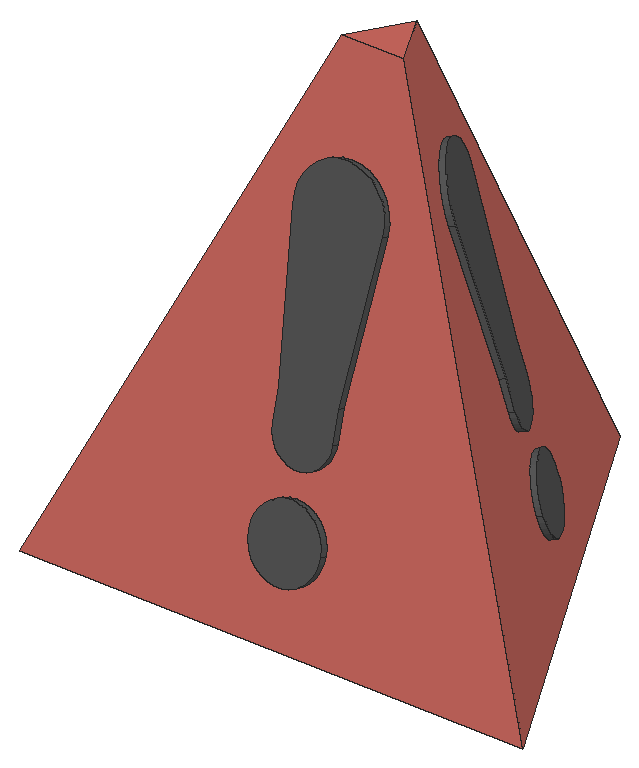
Revit family "Risk-Driving", category Generic Models, Revit 2020
Family settings
  Can host rebar = No
  Round Connector Dimension = Use Diameter
  Part Type = Normal
  Work Plane-Based = No
  Always vertical = Yes
  Cut with Voids When Loaded = No
  Shared = No
  Room Calculation Point = Yes
Parameters
  Who is Likely to be Harmed [instance] = ""
  RiskBlock = Laminate, Red, Matte
  Risk Number [instance] = 0
  Risk Management Action Required [instance] = ""
  PD to include in Pre-Construct Info? [instance] = yes
  PD to include in Health and Safety File? [instance] = yes
  List Possible Hazards [instance] = ""
  Is the Risk Acceptable? [instance] = yes
  Exclamation = Laminate, Black
  Element of Design [instance] = ""
  Drawing/Spec. Reference [instance] = ""
  Default Elevation = 0 mm
  Date Risk or Hazard Removed & By Whom [instance] = ""
  Action Required By Who and By When [instance] = ""
Reference planes
  plane 1 "Center (Front/Back)": y = 0
  plane 2: z = 0
  plane 3 "Center (Left/Right)": x = 0
  plane 4 "Top": z = 800
Forms (mm)
  Extrusion 1, solid, material "Laminate, Black" <- "Exclamation"
    sketch origin (212.783, -257.679, -63.357) x (1, 0, 0) y (0, 0.254936, 0.966958)
      loop
        circle (-211.695, 212.66) r 60
      loop
        arc (-262.719, 362.315) -> (-212.378, 312.658) -> (-162.721, 362.999) r 50
        line (-162.721, 362.999) -> (-163.063, 412.997) -> (-140.104, 655.583)
        arc (-140.104, 655.583) -> (-215.283, 737.648) -> (-289.333, 654.563) r 75
        line (-289.333, 654.563) -> (-263.06, 412.314) -> (-262.719, 362.315)
    from 0 to 10
  Extrusion 2, solid, material "Laminate, Black" <- "Exclamation"
    sketch origin (222.945, 127.243, -62.445) x (-0.5, 0.866025, 0) y (-0.220211, -0.127139, 0.967131)
      loop
        circle (1.287, 211.098) r 60
      loop
        line (51.287, 361.098) -> (51.287, 411.098) -> (75.904, 653.521)
        arc (75.904, 653.521) -> (1.287, 736.098) -> (-73.329, 653.521) r 75
        line (-73.329, 653.521) -> (-48.713, 411.098) -> (-48.713, 361.098)
        arc (-48.713, 361.098) -> (1.287, 311.098) -> (51.287, 361.098) r 50
    from 0 to 10
  Extrusion 3, solid, material "Laminate, Black" <- "Exclamation"
    sketch origin (-216.457, 134.846, -61.837) x (-0.5, -0.866025, 0) y (0.218654, -0.12624, 0.967602)
      loop
        line (-75.018, 652.702) -> (-50.401, 410.278) -> (-50.401, 360.278)
        arc (-50.401, 360.278) -> (-0.401, 310.278) -> (49.599, 360.278) r 50
        line (49.599, 360.278) -> (49.599, 410.278) -> (74.215, 652.702)
        arc (74.215, 652.702) -> (-0.401, 735.278) -> (-75.018, 652.702) r 75
      loop
        circle (-0.401, 210.278) r 60
    from 10 to 0
  Blend 4, solid, material "Laminate, Red, Matte" <- "RiskBlock"
    base sketch origin (0, 0, 0) x (1, 0, 0) y (0, 1, 0)
      loop
        line (0.886, 479.025) -> (-414.806, -240.975) -> (416.578, -240.975) -> (0.886, 479.025)
    top sketch origin (0, 0, 0) x (1, 0, 0) y (0, 1, 0)
      loop
        line (-0.032, 59.943) -> (-51.993, -30.057) -> (51.93, -30.057) -> (-0.032, 59.943)
    from 0 to 800
Dimensions and locks
  plane 4 "Top" to plane 2 = 800 mm
  aligned and locked: level to plane 2
  aligned and locked: Extrusion 2 to Blend 4
Nested families
  nested 1: "RiskSymbol-Driving" at (-0.962, 0, 0), type "RiskSymbol-Driving"
Definition of nested family "RiskSymbol-Driving"
  Reference planes
    plane 1: y = 0
    plane 2: x = 0
  Lines and regions (mm)
    Filled region 1, type "Red Fill"
      outline origin (0, 0, 0) x (1, 0, 0) y (0, 1, 0)
        loop
          arc (-3.977, 1.004) -> (-3.977, 0.254) -> (-3.327, -0.121) r 0.75
          line (-3.327, -0.121) -> (1.225, -0.121)
          arc (1.225, -0.121) -> (1.875, 0.254) -> (1.875, 1.004) r 0.75
          line (1.875, 1.004) -> (-0.401, 4.947)
          arc (-0.401, 4.947) -> (-1.051, 5.322) -> (-1.701, 4.947) r 0.75
          line (-1.701, 4.947) -> (-3.977, 1.004)
        loop
          line (3.262, 3.352) -> (2.799, 2.619)
          arc (2.799, 2.619) -> (2.882, 2.24) -> (3.262, 2.316) r 0.276
          line (3.262, 2.316) -> (3.262, 1.499)
          arc (3.262, 1.499) -> (3.369, 1.025) -> (3.843, 0.917) r 0.455
          line (3.843, 0.917) -> (4.943, 1.308) -> (4.943, 0.508)
          arc (4.943, 0.508) -> (3.394, -0.735) -> (2.827, -2.638) r 3.335
          line (2.827, -2.638) -> (1.96, -3.643) -> (-2.123, -4.055) -> (-3.078, -3.662) -> (-3.936, -3.51) -> (-4.89, 0.049)
          arc (-4.89, 0.049) -> (-5.374, 0.329) -> (-5.654, -0.156) r 0.396
          line (-5.654, -0.156) -> (-5.196, -1.865) -> (-7.503, -2.483) -> (-7.503, -3.399) -> (-4.967, -2.72) -> (-4.654, -3.889)
          arc (-4.654, -3.889) -> (-5.149, -4.501) -> (-4.654, -5.113) r 0.626
          arc (-4.654, -5.113) -> (-3.336, -5.206) -> (-2.044, -4.93) r 4.719
          arc (-2.044, -4.93) -> (0.519, -5.317) -> (3.084, -4.945) r 8.853
          line (3.084, -4.945) -> (3.1, -5.991) -> (6.768, -5.991)
          arc (6.768, -5.991) -> (7.365, -3.681) -> (7.41, -1.295) r 10.204
          arc (7.41, -1.295) -> (7.117, -0.471) -> (6.473, 0.121) r 1.816
          line (6.473, 0.121) -> (6.473, 1.999)
          arc (6.473, 1.999) -> (6.939, 3.576) -> (6.151, 5.02) r 2.144
          arc (6.151, 5.02) -> (4.135, 5.175) -> (3.262, 3.352) r 1.789
        loop
          line (-1.666, 3.799) -> (-1.451, 1.399) -> (-0.651, 1.399) -> (-0.433, 3.799) -> (-1.666, 3.799)
        loop
          line (-0.568, 0.299) -> (-0.568, 1.155) -> (-1.536, 1.155) -> (-1.536, 0.299) -> (-0.568, 0.299)
  Text (mm)
    text "Risk: Driving" at (0.371, -9.459, 0)
